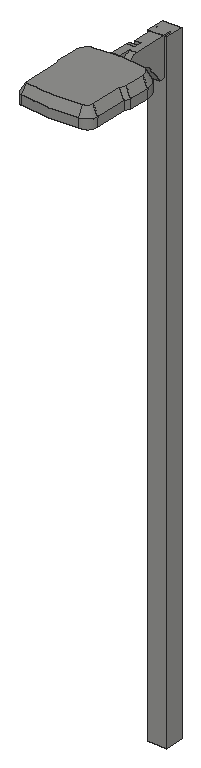
Revit family "VP-1_AAU", category Lighting Fixtures, host Face, Revit 2019
Family settings
  Host = Face
  Round Connector Dimension = Use Diameter
  Part Type = Normal
  OmniClass Number = 23.80.70.11.14.17
  OmniClass Title = Direct/Indirect
  Cut with Voids When Loaded = No
  Light Source = No
  Shared = Yes
  Room Calculation Point = No
Parameters (values of type "VP-1-AAU")
  Wattage Comments = "97.2W"
  Warranty = "Five year warranty"  # constant formula
  Voltage = 120 V
  URL = "https://www.currentlighting.com/beacon"
  Type Comments = "Lighting Fixture"  # constant formula
  Product Page URL = "https://www.currentlighting.com/outdoor-lighting/viper-area-size-1/9606403"
  Product Documentation Link = "https://cdn.currentlighting.com/site/specsheet/BEA_VIPERSPEC.pdf"
  Power Factor = 0.9
  Pole Height [instance] = 120.00"
  Name = "Viper Area Size 1"  # constant formula
  Model = "VP-1-AAU"
  Matt Grey = MATT GREY
  Matt Black = Matt Black
  Manufacturer = "Current Lighting"  # constant formula
  Load Classification = Lighting
  Light Output = 6297.00 cd/m²
  Lamp = "LED"  # constant formula
  Grey = Grey
  Glass = Glass
  Pole Size [instance] = 3.50"
  Features = "Featuring two different optical technologies, Micro Strike and Strike Optics, which provide the best distribution patterns for retrofit or new construction\r\nVibration rated for high vibration applications including bridges and overpasses\r\nControl options including photo control, occupancy sensing, NX Lighting Controls, wiSCAPE and 7-Pin with networked controls\r\nMounting options include: Arm, Universal Arm, Adjustable Arm, Mast Arm, Decorative Arm, Knuckle, Trunnion, Wall\r\nDistribution options include: Auto Front Row, Type 2, Type 3, Type 4 Forward, Type 4 Wide, Type 5 Narrow, Type 5 Medium, Type 5 Wide, Type 5 Rectangular, Corner Optic, and Tennis Court\r\n\r\n"  # constant formula
  Copyright = "© 2022 Current Lighting"  # constant formula
  Cool Grey = Cool Grey
  Contact Us = "https://www.currentlighting.com/contact-us"
  Certification = "UL"  # constant formula
  Description = "The Viper is an extremely versatile area/site luminaire which blends design, performance, and technology for a variety of applications."  # constant formula
  Default Elevation = 48.00"
  Finish = Arctic White
  Matt White = Matt White
  CRI = "70"  # constant formula
  Brand = "Beacon"  # constant formula
  Assembly Code = "D5020200"
  Apparent Load = 97.2 VA
Reference planes (in)
  plane 1 "Center (Front/Back)": y = 6.16697
  plane 2: z = 0
  plane 3 "Center (Left/Right)": x = 0
  plane 4: z = 3.75
  plane 5: z = -4.44
  plane 6: x = -1.75
  plane 7: x = 1.75
  plane 8: y = 4.41697
  plane 9: y = 7.91697
  plane 10: z = 120
Forms (in)
  Extrusion 1, solid, material "Cool Grey" <- "Cool Grey"
    sketch origin (0, 0, 0) x (1, 0, 0) y (0, 1, 0)
      loop
        line (-1.75, 7.91697) -> (-1.75, 4.41697) -> (1.75, 4.41697) -> (1.75, 7.91697) -> (-1.75, 7.91697)
    from 0 to 120
Lines and regions (in)
  reference lines
    curve 1: line (0, 14.42606, -3.25) -> (0, 17.42606, -0.25)
    curve 2: line (0, -2.09213, -3.25) -> (0, 14.42606, -3.25)
    curve 3: line (0, -5.09213, -0.25) -> (0, -2.09213, -3.25)
    curve 4: line (0, 14.42606, -3.25) -> (0, 17.42606, -0.25)
    curve 5: line (0, -5.09213, -0.25) -> (0, 17.42606, -0.25)
    curve 6: line (0, 17.17606, -0.77432) -> (0, 17.92606, -0.77432)
    curve 7: line (0, 17.17606, -1.52432) -> (0, 17.17606, -0.77432)
    curve 8: line (0, 16.69614, -1.52432) -> (0, 17.17606, -1.52432)
    curve 9: line (0, 14.92606, -4.25) -> (0, 16.69614, -1.52432)
    curve 10: line (0, -4.3622, -1.52432) -> (0, -2.59213, -4.25)
    curve 11: line (0, -4.84213, -1.52432) -> (0, -4.3622, -1.52432)
    curve 12: line (0, -4.84213, -0.77432) -> (0, -4.84213, -1.52432)
    curve 13: line (0, -5.59213, -0.77432) -> (0, -4.84213, -0.77432)
Dimensions and locks (in)
  plane 4 to plane 2 = 3.75"
  "Pole Size": plane 8 to plane 9
  equal spacing: plane 8, plane 1 "Center (Front/Back)", plane 9
  equal spacing: plane 6, plane 3 "Center (Left/Right)", plane 7
  "Pole Size": plane 6 to plane 7
  "Pole Height": plane 10 to plane 2
  aligned and locked: plane 2 to host face
  aligned and locked: level to host face
  aligned and locked: plane 10 to Extrusion 1
  aligned and locked: plane 3 "Center (Left/Right)" to nested 1
  aligned and locked: plane 9 to Extrusion 1 sketch curve
  aligned and locked: plane 6 to Extrusion 1 sketch curve
  aligned and locked: Extrusion 1 sketch curve to plane 8
  aligned and locked: Extrusion 1 sketch curve to plane 7
  aligned and locked: nested 1 to plane 10
Automatic sketch dimensions
  host sketch curve to host sketch curve = 96.00"
  host sketch curve to host sketch curve = 85.00"
  curve 3 to level = 0.25"
  plane 8 to curve 3 = 9.50909"
  curve 3 to curve 12 = 0.25"
  curve 11 to curve 11 = 0.47992"
  curve 2 to plane 5 = 1.19"
  curve 10 to curve 2 = 2.27008"
  curve 1 to plane 9 = 6.50909"
  curve 9 to level = 1.52432"
  curve 1 to curve 9 = 2.27008"
  curve 8 to curve 8 = 0.47992"
  curve 6 to curve 4 = 0.25"
  curve 10 to curve 3 = 1.27432"
  curve 7 to curve 1 = 0.52432"
  curve 12 to curve 3 = 0.52432"
  curve 13 to curve 3 = 0.50"
  curve 10 to plane 5 = 0.19"
  curve 10 to curve 2 = 0.50"
  curve 9 to plane 5 = 0.19"
  curve 1 to curve 9 = 0.50"
  curve 1 to curve 6 = 0.50"
Nested families (in)
  nested 1: "SIZE1-AAU" at (0, 4.41697, 118.26) x (1, 0, 0) z (0, -1, 0), Mounting Block Width <- "Pole Size", type "SIZE1-AAU"
    with Mounting Block Width 3.50"
Connectors (in)
  electrical at (0, 6.16697, 0), driven by "Power Factor", driven by "Apparent Load", driven by "Voltage"
    settings: on Extrusion 1, index 1, voltage 120 V, apparent load 97.2 VA, apparent load phase1 0 VA, apparent load phase2 0 VA, apparent load phase3 0 VA, power factor 0.9, load classification "Other", number of poles 1, system type 30, power factor state 1, is connector primary yes, connector utility no, sub classification motor no, connector description "Light Fixture"
Definition of nested family "SIZE1-AAU"
  Parameters (values of type "SIZE1-AAU")
    Width = 14.38"
    Wattage = 97.2 W
    built-in parameter 1150110 = 1 (stored number, unit not read)
    built-in parameter 1114217 = 1 (stored number, unit not read)
    Tilt Angle = 160.00°
    built-in parameter 1150109 = 1 (stored number, unit not read)
    built-in parameter 1150134 = 3
    built-in parameter 1150113 = 1 (stored number, unit not read)
    Photometric Web File = "VP-1-160L-100-3K7-4W-BC.ies"
    Mounting Block Width [instance] = 3.00"
    Mount Length = 8.30"
    built-in parameter 1150105 = 502.77 (stored number, unit not read)
    Lumens = 6318 lm
    built-in parameter 1150115 = 1 (stored number, unit not read)
    built-in parameter 1150137 = (empty or 0)
    built-in parameter 1150139 = (empty or 0)
    Length = 16.76"
    built-in parameter 1150112 = 1 (stored number, unit not read)
    built-in parameter 1150114 = 1 (stored number, unit not read)
    built-in parameter 1150132 = (empty or 0)
    built-in parameter 1150102 = (empty or 0)
    built-in parameter 1150107 = 3200 (stored number, unit not read)
    built-in parameter 1150138 = (empty or 0)
    built-in parameter 1150106 = 5.0277 (stored number, unit not read)
    Glass = none
    Fixture = none
    built-in parameter 1150104 = 6.0387 (stored number, unit not read)
    Dimming Lamp Color Temperature Shift = (empty or 0)
    Default Elevation = 48.00"
    Color Filter = 16777215
    built-in parameter 1114218 = 1 (stored number, unit not read)
    built-in parameter 1150133 = 10 (stored number, unit not read)
  Reference planes (in)
    plane 1 "Center (Front/Back)": y = 0
    plane 2: z = 0
    plane 3 "Center (Left/Right)": x = 0
    plane 4: x = 7.19
    plane 5: x = -7.19
    plane 6: z = 8.3
    plane 7: z = 25.06
    plane 8: y = -1.74
    plane 9: y = 1.74
    plane 10: x = -1.5
    plane 11: x = 1.5
  Forms (in)
    Extrusion 1, solid
      sketch origin (0, 0, 0) x (1, 0, 0) y (0, 1, 0)
        loop
          line (-48, 48) -> (-48, -48) -> (48, -48) -> (48, 48) -> (-48, 48)
      from 0 to -12
    Extrusion 2, solid, material <- "Fixture"
      sketch origin (0, 0, 0) x (1, 0, 0) y (0, 0, 1)
        loop
          line (-6.90972, 16.52202) -> (-7.315, 15.47799) -> (-7.315, 11.44521)
          arc (-7.315, 11.44521) -> (-6.65907, 9.48733) -> (-4.95604, 8.31974) r 3.25
          arc (-4.95604, 8.31974) -> (0, 7.81429) -> (4.95604, 8.31974) r 24.55009
          arc (4.95604, 8.31974) -> (6.65907, 9.48733) -> (7.315, 11.44521) r 3.25
          line (7.315, 11.44521) -> (7.315, 15.47799) -> (6.8775, 16.60502) -> (6.8775, 22.64879)
          arc (6.8775, 22.64879) -> (6.32022, 24.03392) -> (4.95893, 24.64714) r 2
          arc (4.95893, 24.64714) -> (-0.50555, 25.00726) -> (-5.96128, 24.53274) r 35.92956
          arc (-5.96128, 24.53274) -> (-6.64447, 24.08958) -> (-6.90972, 23.31966) r 1.25
          line (-6.90972, 23.31966) -> (-6.90972, 16.52202)
      from 0 to 1.74
    Extrusion 3, solid, material <- "Fixture"
      sketch origin (0, 0, 0) x (0, 1, 0) y (0, 0, 1)
        loop
          line (1.74, -1.406) -> (1.74, 6.43918)
          arc (1.74, 6.43918) -> (0, 8.17918) -> (-1.74, 6.43918) r 1.74
          line (-1.74, 6.43918) -> (-1.74, 3.90812) -> (-5.432, 1.12478) -> (-5.432, -1.406) -> (1.74, -1.406)
      from -1.24 to 1.24
    Extrusion 4, void
      sketch origin (0, 0, 0) x (1, 0, 0) y (0, 0, 1)
        loop
          arc (-5.91108, 15.93931) -> (0.07703, 16.26105) -> (6.065, 15.93674) r 55.66285
          line (6.065, 15.93674) -> (6.065, 22.74182) -> (-5.91108, 22.74182) -> (-5.91108, 15.93931)
      from 1 to 1.75
    Extrusion 5, solid, material <- "Glass"
      sketch origin (0, 0, -0.25) x (1, 0, 0) y (0, 0, 1)
        loop
          arc (-5.06487, 22.74182) -> (-5.31236, 22.63931) -> (-5.41487, 22.39182) r 0.35
          line (-5.41487, 22.39182) -> (-5.41487, 17.34182)
          arc (-5.41487, 17.34182) -> (-5.31236, 17.09434) -> (-5.06487, 16.99182) r 0.35
          line (-5.06487, 16.99182) -> (5.11803, 16.99182)
          arc (5.11803, 16.99182) -> (5.36552, 17.09434) -> (5.46803, 17.34182) r 0.35
          line (5.46803, 17.34182) -> (5.46803, 22.39182)
          arc (5.46803, 22.39182) -> (5.36552, 22.63931) -> (5.11803, 22.74182) r 0.35
          line (5.11803, 22.74182) -> (-5.06487, 22.74182)
      from 1 to 1.35
    Extrusion 6, solid, material <- "Glass"
      sketch origin (0, 0, -0.25) x (1, 0, 0) y (0, 0, 1)
        loop
          circle (-4.85829, 21.91694) r 0.15
        loop
          circle (-4.33955, 21.91694) r 0.15
        loop
          circle (-3.8208, 21.91694) r 0.15
        loop
          circle (-3.30205, 21.91694) r 0.15
        loop
          circle (-2.7833, 21.91694) r 0.15
        loop
          circle (-2.26455, 21.91694) r 0.15
        loop
          circle (-1.7458, 21.91694) r 0.15
        loop
          circle (-1.22705, 21.91694) r 0.15
        loop
          circle (-0.70831, 21.91694) r 0.15
        loop
          circle (-4.85829, 21.41694) r 0.15
        loop
          circle (-4.33955, 21.41694) r 0.15
        loop
          circle (-3.8208, 21.41694) r 0.15
        loop
          circle (-3.30205, 21.41694) r 0.15
        loop
          circle (-2.7833, 21.41694) r 0.15
        loop
          circle (-2.26455, 21.41694) r 0.15
        loop
          circle (-1.7458, 21.41694) r 0.15
        loop
          circle (-1.22705, 21.41694) r 0.15
        loop
          circle (-0.70831, 21.41694) r 0.15
        loop
          circle (-4.85829, 20.91694) r 0.15
        loop
          circle (-4.33955, 20.91694) r 0.15
        loop
          circle (-3.8208, 20.91694) r 0.15
        loop
          circle (-3.30205, 20.91694) r 0.15
        loop
          circle (-2.7833, 20.91694) r 0.15
        loop
          circle (-2.26455, 20.91694) r 0.15
        loop
          circle (-1.7458, 20.91694) r 0.15
        loop
          circle (-1.22705, 20.91694) r 0.15
        loop
          circle (-0.70831, 20.91694) r 0.15
        loop
          circle (-4.85829, 20.41694) r 0.15
        loop
          circle (-4.33955, 20.41694) r 0.15
        loop
          circle (-3.8208, 20.41694) r 0.15
        loop
          circle (-3.30205, 20.41694) r 0.15
        loop
          circle (-2.7833, 20.41694) r 0.15
        loop
          circle (-2.26455, 20.41694) r 0.15
        loop
          circle (-1.7458, 20.41694) r 0.15
        loop
          circle (-1.22705, 20.41694) r 0.15
        loop
          circle (-0.70831, 20.41694) r 0.15
        loop
          circle (-4.85829, 19.91694) r 0.15
        loop
          circle (-4.33955, 19.91694) r 0.15
        loop
          circle (-3.8208, 19.91694) r 0.15
        loop
          circle (-3.30205, 19.91694) r 0.15
        loop
          circle (-2.7833, 19.91694) r 0.15
        loop
          circle (-2.26455, 19.91694) r 0.15
        loop
          circle (-1.7458, 19.91694) r 0.15
        loop
          circle (-1.22705, 19.91694) r 0.15
        loop
          circle (-0.70831, 19.91694) r 0.15
        loop
          circle (-4.85829, 19.41694) r 0.15
        loop
          circle (-4.33955, 19.41694) r 0.15
        loop
          circle (-3.8208, 19.41694) r 0.15
        loop
          circle (-3.30205, 19.41694) r 0.15
        loop
          circle (-2.7833, 19.41694) r 0.15
        loop
          circle (-2.26455, 19.41694) r 0.15
        loop
          circle (-1.7458, 19.41694) r 0.15
        loop
          circle (-1.22705, 19.41694) r 0.15
        loop
          circle (-0.70831, 19.41694) r 0.15
        loop
          circle (-4.85829, 18.91694) r 0.15
        loop
          circle (-4.33955, 18.91694) r 0.15
        loop
          circle (-3.8208, 18.91694) r 0.15
        loop
          circle (-3.30205, 18.91694) r 0.15
        loop
          circle (-2.7833, 18.91694) r 0.15
        loop
          circle (-2.26455, 18.91694) r 0.15
        loop
          circle (-1.7458, 18.91694) r 0.15
        loop
          circle (-1.22705, 18.91694) r 0.15
        loop
          circle (-0.70831, 18.91694) r 0.15
        loop
          circle (-4.85829, 18.41694) r 0.15
        loop
          circle (-4.33955, 18.41694) r 0.15
        loop
          circle (-3.8208, 18.41694) r 0.15
        loop
          circle (-3.30205, 18.41694) r 0.15
        loop
          circle (-2.7833, 18.41694) r 0.15
        loop
          circle (-2.26455, 18.41694) r 0.15
        loop
          circle (-1.7458, 18.41694) r 0.15
        loop
          circle (-1.22705, 18.41694) r 0.15
        loop
          circle (-0.70831, 18.41694) r 0.15
        loop
          circle (-4.85829, 17.91694) r 0.15
        loop
          circle (-4.33955, 17.91694) r 0.15
        loop
          circle (-3.8208, 17.91694) r 0.15
        loop
          circle (-3.30205, 17.91694) r 0.15
        loop
          circle (-2.7833, 17.91694) r 0.15
        loop
          circle (-2.26455, 17.91694) r 0.15
        loop
          circle (-1.7458, 17.91694) r 0.15
        loop
          circle (-1.22705, 17.91694) r 0.15
        loop
          circle (-0.70831, 17.91694) r 0.15
      from 1.35 to 1.4
    Extrusion 7, solid, material <- "Glass"
      sketch origin (0, 0, -0.25) x (-1, 0, 0) y (0, 0, -1)
        loop
          circle (-4.85829, -21.91694) r 0.15
        loop
          circle (-4.33955, -21.91694) r 0.15
        loop
          circle (-3.8208, -21.91694) r 0.15
        loop
          circle (-3.30205, -21.91694) r 0.15
        loop
          circle (-2.7833, -21.91694) r 0.15
        loop
          circle (-2.26455, -21.91694) r 0.15
        loop
          circle (-1.7458, -21.91694) r 0.15
        loop
          circle (-1.22705, -21.91694) r 0.15
        loop
          circle (-0.70831, -21.91694) r 0.15
        loop
          circle (-4.85829, -21.41694) r 0.15
        loop
          circle (-4.33955, -21.41694) r 0.15
        loop
          circle (-3.8208, -21.41694) r 0.15
        loop
          circle (-3.30205, -21.41694) r 0.15
        loop
          circle (-2.7833, -21.41694) r 0.15
        loop
          circle (-2.26455, -21.41694) r 0.15
        loop
          circle (-1.7458, -21.41694) r 0.15
        loop
          circle (-1.22705, -21.41694) r 0.15
        loop
          circle (-0.70831, -21.41694) r 0.15
        loop
          circle (-4.85829, -20.91694) r 0.15
        loop
          circle (-4.33955, -20.91694) r 0.15
        loop
          circle (-3.8208, -20.91694) r 0.15
        loop
          circle (-3.30205, -20.91694) r 0.15
        loop
          circle (-2.7833, -20.91694) r 0.15
        loop
          circle (-2.26455, -20.91694) r 0.15
        loop
          circle (-1.7458, -20.91694) r 0.15
        loop
          circle (-1.22705, -20.91694) r 0.15
        loop
          circle (-0.70831, -20.91694) r 0.15
        loop
          circle (-4.85829, -20.41694) r 0.15
        loop
          circle (-4.33955, -20.41694) r 0.15
        loop
          circle (-3.8208, -20.41694) r 0.15
        loop
          circle (-3.30205, -20.41694) r 0.15
        loop
          circle (-2.7833, -20.41694) r 0.15
        loop
          circle (-2.26455, -20.41694) r 0.15
        loop
          circle (-1.7458, -20.41694) r 0.15
        loop
          circle (-1.22705, -20.41694) r 0.15
        loop
          circle (-0.70831, -20.41694) r 0.15
        loop
          circle (-4.85829, -19.91694) r 0.15
        loop
          circle (-4.33955, -19.91694) r 0.15
        loop
          circle (-3.8208, -19.91694) r 0.15
        loop
          circle (-3.30205, -19.91694) r 0.15
        loop
          circle (-2.7833, -19.91694) r 0.15
        loop
          circle (-2.26455, -19.91694) r 0.15
        loop
          circle (-1.7458, -19.91694) r 0.15
        loop
          circle (-1.22705, -19.91694) r 0.15
        loop
          circle (-0.70831, -19.91694) r 0.15
        loop
          circle (-4.85829, -19.41694) r 0.15
        loop
          circle (-4.33955, -19.41694) r 0.15
        loop
          circle (-3.8208, -19.41694) r 0.15
        loop
          circle (-3.30205, -19.41694) r 0.15
        loop
          circle (-2.7833, -19.41694) r 0.15
        loop
          circle (-2.26455, -19.41694) r 0.15
        loop
          circle (-1.7458, -19.41694) r 0.15
        loop
          circle (-1.22705, -19.41694) r 0.15
        loop
          circle (-0.70831, -19.41694) r 0.15
        loop
          circle (-4.85829, -18.91694) r 0.15
        loop
          circle (-4.33955, -18.91694) r 0.15
        loop
          circle (-3.8208, -18.91694) r 0.15
        loop
          circle (-3.30205, -18.91694) r 0.15
        loop
          circle (-2.7833, -18.91694) r 0.15
        loop
          circle (-2.26455, -18.91694) r 0.15
        loop
          circle (-1.7458, -18.91694) r 0.15
        loop
          circle (-1.22705, -18.91694) r 0.15
        loop
          circle (-0.70831, -18.91694) r 0.15
        loop
          circle (-4.85829, -18.41694) r 0.15
        loop
          circle (-4.33955, -18.41694) r 0.15
        loop
          circle (-3.8208, -18.41694) r 0.15
        loop
          circle (-3.30205, -18.41694) r 0.15
        loop
          circle (-2.7833, -18.41694) r 0.15
        loop
          circle (-2.26455, -18.41694) r 0.15
        loop
          circle (-1.7458, -18.41694) r 0.15
        loop
          circle (-1.22705, -18.41694) r 0.15
        loop
          circle (-0.70831, -18.41694) r 0.15
        loop
          circle (-4.85829, -17.91694) r 0.15
        loop
          circle (-4.33955, -17.91694) r 0.15
        loop
          circle (-3.8208, -17.91694) r 0.15
        loop
          circle (-3.30205, -17.91694) r 0.15
        loop
          circle (-2.7833, -17.91694) r 0.15
        loop
          circle (-2.26455, -17.91694) r 0.15
        loop
          circle (-1.7458, -17.91694) r 0.15
        loop
          circle (-1.22705, -17.91694) r 0.15
        loop
          circle (-0.70831, -17.91694) r 0.15
      from 1.35 to 1.4
    Extrusion 8, solid, material <- "Glass"
      sketch origin (0, 0, -0.25) x (1, 0, 0) y (0, 0, 1)
        loop
          arc (-5.04655, 22.4209) -> (-5.22333, 22.34768) -> (-5.29655, 22.1709) r 0.25
          line (-5.29655, 22.1709) -> (-5.29655, 17.6709)
          arc (-5.29655, 17.6709) -> (-5.22333, 17.49412) -> (-5.04655, 17.4209) r 0.25
          line (-5.04655, 17.4209) -> (-0.54655, 17.4209)
          arc (-0.54655, 17.4209) -> (-0.36977, 17.49412) -> (-0.29655, 17.6709) r 0.25
          line (-0.29655, 17.6709) -> (-0.29655, 22.1709)
          arc (-0.29655, 22.1709) -> (-0.36977, 22.34768) -> (-0.54655, 22.4209) r 0.25
          line (-0.54655, 22.4209) -> (-5.04655, 22.4209)
      from 1.35 to 1.37213
    Extrusion 9, solid, material <- "Glass"
      sketch origin (0, 0, -0.25) x (-1, 0, 0) y (0, 0, -1)
        loop
          line (-5.04655, -22.4209) -> (-0.54655, -22.4209)
          arc (-0.54655, -22.4209) -> (-0.36977, -22.34768) -> (-0.29655, -22.1709) r 0.25
          line (-0.29655, -22.1709) -> (-0.29655, -17.6709)
          arc (-0.29655, -17.6709) -> (-0.36977, -17.49412) -> (-0.54655, -17.4209) r 0.25
          line (-0.54655, -17.4209) -> (-5.04655, -17.4209)
          arc (-5.04655, -17.4209) -> (-5.22333, -17.49412) -> (-5.29655, -17.6709) r 0.25
          line (-5.29655, -17.6709) -> (-5.29655, -22.1709)
          arc (-5.29655, -22.1709) -> (-5.22333, -22.34768) -> (-5.04655, -22.4209) r 0.25
      from 1.35 to 1.37213
    Extrusion 10, solid, material <- "Fixture"
      sketch origin (0.125, 0, 2.75) x (1, 0, 0) y (0, 1, 0)
        loop
          line (5.34818, -1) -> (5.34818, -1.20146)
          arc (5.34818, -1.20146) -> (5.35492, -1.23973) -> (5.37436, -1.27339) r 0.1119
          line (5.37436, -1.27339) -> (5.73492, -1.70309)
          arc (5.73492, -1.70309) -> (5.76289, -1.72455) -> (5.79732, -1.73219) r 0.08147
          line (5.79732, -1.73219) -> (5.94, -1.73219) -> (5.94, -1) -> (5.34818, -1)
      from 18.55 to 18.65
    Extrusion 11, solid, material <- "Fixture"
      sketch origin (0.125, 0, 1.84761) x (1, 0, 0) y (0, 1, 0)
        loop
          line (5.34818, -1) -> (5.34818, -1.20146)
          arc (5.34818, -1.20146) -> (5.35492, -1.23973) -> (5.37436, -1.27339) r 0.1119
          line (5.37436, -1.27339) -> (5.73492, -1.70309)
          arc (5.73492, -1.70309) -> (5.76289, -1.72455) -> (5.79732, -1.73219) r 0.08147
          line (5.79732, -1.73219) -> (5.94, -1.73219) -> (5.94, -1) -> (5.34818, -1)
      from 18.55 to 18.65
    Extrusion 12, solid, material <- "Fixture"
      sketch origin (0.125, 0, 0.95579) x (1, 0, 0) y (0, 1, 0)
        loop
          line (5.34818, -1) -> (5.34818, -1.20146)
          arc (5.34818, -1.20146) -> (5.35492, -1.23973) -> (5.37436, -1.27339) r 0.1119
          line (5.37436, -1.27339) -> (5.73492, -1.70309)
          arc (5.73492, -1.70309) -> (5.76289, -1.72455) -> (5.79732, -1.73219) r 0.08147
          line (5.79732, -1.73219) -> (5.94, -1.73219) -> (5.94, -1) -> (5.34818, -1)
      from 18.55 to 18.65
    Extrusion 13, solid, material <- "Fixture"
      sketch origin (0.125, 0, 0.06397) x (1, 0, 0) y (0, 1, 0)
        loop
          line (5.34818, -1) -> (5.34818, -1.20146)
          arc (5.34818, -1.20146) -> (5.35492, -1.23973) -> (5.37436, -1.27339) r 0.1119
          line (5.37436, -1.27339) -> (5.73492, -1.70309)
          arc (5.73492, -1.70309) -> (5.76289, -1.72455) -> (5.79732, -1.73219) r 0.08147
          line (5.79732, -1.73219) -> (5.94, -1.73219) -> (5.94, -1) -> (5.34818, -1)
      from 18.55 to 18.65
    Extrusion 14, solid, material <- "Fixture"
      sketch origin (0.125, 0, -0.82681) x (1, 0, 0) y (0, 1, 0)
        loop
          line (5.34818, -1) -> (5.34818, -1.20146)
          arc (5.34818, -1.20146) -> (5.35492, -1.23973) -> (5.37436, -1.27339) r 0.1119
          line (5.37436, -1.27339) -> (5.73492, -1.70309)
          arc (5.73492, -1.70309) -> (5.76289, -1.72455) -> (5.79732, -1.73219) r 0.08147
          line (5.79732, -1.73219) -> (5.94, -1.73219) -> (5.94, -1) -> (5.34818, -1)
      from 18.55 to 18.65
    Extrusion 15, solid, material <- "Fixture"
      sketch origin (0, 0, 2.75) x (-1, 0, 0) y (0, -1, 0)
        loop
          line (5.34818, 1) -> (5.94, 1) -> (5.94, 1.73219) -> (5.79732, 1.73219)
          arc (5.79732, 1.73219) -> (5.76289, 1.72455) -> (5.73492, 1.70309) r 0.08147
          line (5.73492, 1.70309) -> (5.37436, 1.27339)
          arc (5.37436, 1.27339) -> (5.35492, 1.23973) -> (5.34818, 1.20146) r 0.1119
          line (5.34818, 1.20146) -> (5.34818, 1)
      from 18.55 to 18.65
    Extrusion 16, solid, material <- "Fixture"
      sketch origin (0, 0, 1.84761) x (-1, 0, 0) y (0, -1, 0)
        loop
          line (5.34818, 1) -> (5.94, 1) -> (5.94, 1.73219) -> (5.79732, 1.73219)
          arc (5.79732, 1.73219) -> (5.76289, 1.72455) -> (5.73492, 1.70309) r 0.08147
          line (5.73492, 1.70309) -> (5.37436, 1.27339)
          arc (5.37436, 1.27339) -> (5.35492, 1.23973) -> (5.34818, 1.20146) r 0.1119
          line (5.34818, 1.20146) -> (5.34818, 1)
      from 18.55 to 18.65
    Extrusion 17, solid, material <- "Fixture"
      sketch origin (0, 0, 0.95579) x (-1, 0, 0) y (0, -1, 0)
        loop
          line (5.34818, 1) -> (5.94, 1) -> (5.94, 1.73219) -> (5.79732, 1.73219)
          arc (5.79732, 1.73219) -> (5.76289, 1.72455) -> (5.73492, 1.70309) r 0.08147
          line (5.73492, 1.70309) -> (5.37436, 1.27339)
          arc (5.37436, 1.27339) -> (5.35492, 1.23973) -> (5.34818, 1.20146) r 0.1119
          line (5.34818, 1.20146) -> (5.34818, 1)
      from 18.55 to 18.65
    Extrusion 18, solid, material <- "Fixture"
      sketch origin (0, 0, 0.06397) x (-1, 0, 0) y (0, -1, 0)
        loop
          line (5.34818, 1) -> (5.94, 1) -> (5.94, 1.73219) -> (5.79732, 1.73219)
          arc (5.79732, 1.73219) -> (5.76289, 1.72455) -> (5.73492, 1.70309) r 0.08147
          line (5.73492, 1.70309) -> (5.37436, 1.27339)
          arc (5.37436, 1.27339) -> (5.35492, 1.23973) -> (5.34818, 1.20146) r 0.1119
          line (5.34818, 1.20146) -> (5.34818, 1)
      from 18.55 to 18.65
    Extrusion 19, solid, material <- "Fixture"
      sketch origin (0, 0, -0.82681) x (-1, 0, 0) y (0, -1, 0)
        loop
          line (5.34818, 1) -> (5.94, 1) -> (5.94, 1.73219) -> (5.79732, 1.73219)
          arc (5.79732, 1.73219) -> (5.76289, 1.72455) -> (5.73492, 1.70309) r 0.08147
          line (5.73492, 1.70309) -> (5.37436, 1.27339)
          arc (5.37436, 1.27339) -> (5.35492, 1.23973) -> (5.34818, 1.20146) r 0.1119
          line (5.34818, 1.20146) -> (5.34818, 1)
      from 18.55 to 18.65
    Extrusion 20, void
      sketch origin (0.16486, 0, 5.1993) x (1, 0, 0) y (0, 0, 1)
        loop
          line (-5.94707, 9.88637) -> (-5.94707, 8.88637)
          arc (-5.94707, 8.88637) -> (-0.00354, 7.88584) -> (5.94, 8.88637) r 18.15382
          line (5.94, 8.88637) -> (5.94, 9.88637)
          arc (5.94, 9.88637) -> (-0.00354, 8.88584) -> (-5.94707, 9.88637) r 18.15382
        loop
          line (-5.85535, 7.87828) -> (-5.85535, 7.60486)
          arc (-5.85535, 7.60486) -> (0.0002, 6.63584) -> (5.85535, 7.60727) r 18.15382
          line (5.85535, 7.60727) -> (5.85535, 7.88068)
          arc (5.85535, 7.88068) -> (0.0002, 6.91466) -> (-5.85535, 7.87828) r 18.25
        loop
          line (-5.85535, 7.12828) -> (-5.85535, 6.85486)
          arc (-5.85535, 6.85486) -> (0.0002, 5.88584) -> (5.85535, 6.85727) r 18.15382
          line (5.85535, 6.85727) -> (5.85535, 7.13068)
          arc (5.85535, 7.13068) -> (0.0002, 6.16466) -> (-5.85535, 7.12828) r 18.25
      from 1 to 1.75
    Blend 21, solid, material <- "Fixture"
      base sketch origin (0, 0, 0) x (1, 0, 0) y (0, 0, 1)
        loop
          arc (6.8775, 22.64879) -> (6.31798, 24.03624) -> (4.95249, 24.64739) r 2
          arc (4.95249, 24.64739) -> (-0.51269, 25.00653) -> (-5.96896, 24.53081) r 35.9289
          arc (-5.96896, 24.53081) -> (-6.6469, 24.08646) -> (-6.90972, 23.31966) r 1.25
          line (-6.90972, 23.31966) -> (-6.90972, 16.52202) -> (-7.315, 15.47799) -> (-7.315, 11.44521)
          arc (-7.315, 11.44521) -> (-6.65907, 9.48733) -> (-4.95604, 8.31974) r 3.25
          arc (-4.95604, 8.31974) -> (0, 7.81429) -> (4.95604, 8.31974) r 24.55009
          arc (4.95604, 8.31974) -> (6.65907, 9.48733) -> (7.315, 11.44521) r 3.25
          line (7.315, 11.44521) -> (7.315, 15.47799) -> (6.8775, 16.60502) -> (6.8775, 22.64879)
      top sketch origin (0, 0, 0) x (1, 0, 0) y (0, 0, 1)
        loop
          arc (5.8775, 22.64879) -> (5.59173, 23.34871) -> (4.89775, 23.64859) r 1
          arc (4.89775, 23.64859) -> (-0.41657, 24.011) -> (-5.72421, 23.5612) r 34.93251
          arc (-5.72421, 23.5612) -> (-5.85799, 23.47194) -> (-5.90972, 23.31966) r 0.25
          line (-5.90972, 23.31966) -> (-5.90972, 16.33474) -> (-6.315, 15.29071) -> (-6.315, 11.44521)
          arc (-6.315, 11.44521) -> (-5.87115, 10.10345) -> (-4.71471, 9.29106) r 2.25
          arc (-4.71471, 9.29106) -> (0, 8.81429) -> (4.71471, 9.29106) r 23.55009
          arc (4.71471, 9.29106) -> (5.87115, 10.10345) -> (6.315, 11.44521) r 2.25
          line (6.315, 11.44521) -> (6.315, 15.29071) -> (5.8775, 16.41774) -> (5.8775, 22.64879)
      from 0 to -1.74
    Extrusion 22, solid, material <- "Fixture"
      sketch origin (0, 0, 0) x (0, 1, 0) y (0, 0, 1)
        loop
          line (1.74, 8.81429) -> (-1.74, 8.81429) -> (-1.74, 5.31429)
          arc (-1.74, 5.31429) -> (0, 3.57429) -> (1.74, 5.31429) r 1.74
          line (1.74, 5.31429) -> (1.74, 8.81429)
      from -1.5 to 0
    Extrusion 23, void
      sketch origin (0, 0, 0) x (1, 0, 0) y (0, 0, 1)
        loop
          line (-1.5, 8.3) -> (-1.5, 3.90812) -> (0, 3.90812) -> (0, 8.3) -> (-1.5, 8.3)
      from -1.84653 to 1.9488
  Cuts and joins
    Extrusion 4, Extrusion 20 cuts Extrusion 2
    Extrusion 4, Extrusion 20, Extrusion 23 cuts Extrusion 3
    joined: Extrusion 2, Extrusion 3, Extrusion 22
  Dimensions and locks (in)
    equal spacing: plane 4, plane 3 "Center (Left/Right)", plane 5
    "Width": plane 4 to plane 5
    "Length": plane 7 to plane 6
    "Mount Length": plane 6 to plane 2
    equal spacing: plane 10, plane 3 "Center (Left/Right)", plane 11
    "Mounting Block Width": plane 10 to plane 11
    aligned and locked: plane 2 to Extrusion 1
    aligned and locked: level to Extrusion 1
  Automatic sketch dimensions
    Extrusion 1 sketch curve to Extrusion 1 sketch curve = 96.00"  (x2)
    Extrusion 2 sketch curve to plane 3 "Center (Left/Right)" = 0.00"
    Extrusion 2 sketch curve to plane 3 "Center (Left/Right)" = 0.12919"
    plane 5 to Extrusion 2 sketch curve = 3.125"
    plane 5 to Extrusion 2 sketch curve = 1.53028"
    plane 5 to Extrusion 2 sketch curve = 0.28028"
    Extrusion 2 sketch curve to plane 5 = 0.125"
    Extrusion 2 sketch curve to plane 4 = 3.125"
    Extrusion 2 sketch curve to plane 4 = 2.3125"
    Extrusion 2 sketch curve to plane 4 = 0.3125"
    plane 4 to Extrusion 2 sketch curve = 0.125"
    Extrusion 2 sketch curve to level = 10.92033"
    plane 6 to Extrusion 2 sketch curve = 3.14521"
    Extrusion 2 sketch curve to Extrusion 2 sketch curve = 0.00"
    Extrusion 2 sketch curve to Extrusion 2 sketch curve = 4.03278"  (x2)
    Extrusion 2 sketch curve to Extrusion 2 sketch curve = 1.04403"
    Extrusion 2 sketch curve to Extrusion 2 sketch curve = 1.12703"
    Extrusion 2 sketch curve to plane 7 = 2.41121"
    Extrusion 2 sketch curve to Extrusion 2 sketch curve = 6.79764"
    plane 7 to Extrusion 2 sketch curve = 7.30438"
    plane 6 to Extrusion 2 sketch curve = 0.01974"
    Extrusion 2 sketch curve to plane 7 = 0.52726"
    plane 5 to Extrusion 4 sketch curve = 1.27892"
    plane 3 "Center (Left/Right)" to Extrusion 4 sketch curve = 0.06506"
    Extrusion 4 sketch curve to plane 4 = 1.125"
    Extrusion 4 sketch curve to level = 39.4018"
    plane 6 to Extrusion 4 sketch curve = 7.63674"
    Extrusion 4 sketch curve to plane 7 = 2.31818"
    plane 5 to Extrusion 5 sketch curve = 1.77513"
    Extrusion 5 sketch curve to Extrusion 5 sketch curve = 0.35"  (x3)
    Extrusion 5 sketch curve to plane 4 = 2.07197"  (x2)
    Extrusion 5 sketch curve to plane 7 = 8.31818"
    Extrusion 5 sketch curve to plane 7 = 2.91818"
    plane 5 to Extrusion 6 sketch curve = 2.33171"
    Extrusion 6 sketch curve to Extrusion 6 sketch curve = 0.00"  (x61)
    Extrusion 6 sketch curve to Extrusion 6 sketch curve = 0.51875"  (x27)
    Extrusion 6 sketch curve to plane 7 = 7.39306"
    Extrusion 6 sketch curve to Extrusion 6 sketch curve = 0.50"  (x72)
    plane 4 to Extrusion 7 sketch curve = 2.33171"
    Extrusion 7 sketch curve to Extrusion 7 sketch curve = 0.00"  (x61)
    Extrusion 7 sketch curve to Extrusion 7 sketch curve = 0.51875"  (x27)
    plane 7 to Extrusion 7 sketch curve = 7.39306"
    Extrusion 7 sketch curve to Extrusion 7 sketch curve = 0.50"  (x72)
    plane 5 to Extrusion 8 sketch curve = 1.89345"
    Extrusion 8 sketch curve to Extrusion 8 sketch curve = 0.25"  (x3)
    Extrusion 8 sketch curve to plane 3 "Center (Left/Right)" = 0.54655"  (x2)
    Extrusion 8 sketch curve to plane 7 = 7.8891"
    Extrusion 8 sketch curve to plane 7 = 3.1391"
    plane 4 to Extrusion 9 sketch curve = 1.89345"
    Extrusion 9 sketch curve to Extrusion 9 sketch curve = 0.25"  (x3)
    Extrusion 9 sketch curve to plane 3 "Center (Left/Right)" = 0.54655"  (x2)
    plane 7 to Extrusion 9 sketch curve = 7.8891"
    plane 7 to Extrusion 9 sketch curve = 3.1391"
    Extrusion 10 sketch curve to plane 4 = 1.71682"
    Extrusion 10 sketch curve to plane 8 = 0.46661"
    Extrusion 10 sketch curve to Extrusion 10 sketch curve = 0.02618"
    Extrusion 10 sketch curve to Extrusion 10 sketch curve = 0.1119"
    Extrusion 10 sketch curve to plane 8 = 0.03691"
    Extrusion 10 sketch curve to Extrusion 10 sketch curve = 0.36056"
    Extrusion 10 sketch curve to plane 8 = 0.00781"
    Extrusion 10 sketch curve to Extrusion 10 sketch curve = 0.06241"
    Extrusion 10 sketch curve to Extrusion 10 sketch curve = 0.47992"
    Extrusion 10 sketch curve to Extrusion 10 sketch curve = 0.20146"
    Extrusion 11 sketch curve to plane 4 = 1.71682"
    Extrusion 11 sketch curve to plane 8 = 0.46661"
    Extrusion 11 sketch curve to Extrusion 11 sketch curve = 0.02618"
    Extrusion 11 sketch curve to Extrusion 11 sketch curve = 0.1119"
    Extrusion 11 sketch curve to plane 8 = 0.03691"
    Extrusion 11 sketch curve to Extrusion 11 sketch curve = 0.36056"
    Extrusion 11 sketch curve to plane 8 = 0.00781"
    Extrusion 11 sketch curve to Extrusion 11 sketch curve = 0.06241"
    Extrusion 11 sketch curve to Extrusion 11 sketch curve = 0.47992"
    Extrusion 11 sketch curve to Extrusion 11 sketch curve = 0.20146"
    Extrusion 12 sketch curve to plane 4 = 1.71682"
    Extrusion 12 sketch curve to plane 8 = 0.46661"
    Extrusion 12 sketch curve to Extrusion 12 sketch curve = 0.02618"
    Extrusion 12 sketch curve to Extrusion 12 sketch curve = 0.1119"
    Extrusion 12 sketch curve to plane 8 = 0.03691"
    Extrusion 12 sketch curve to Extrusion 12 sketch curve = 0.36056"
    Extrusion 12 sketch curve to plane 8 = 0.00781"
    Extrusion 12 sketch curve to Extrusion 12 sketch curve = 0.06241"
    Extrusion 12 sketch curve to Extrusion 12 sketch curve = 0.47992"
    Extrusion 12 sketch curve to Extrusion 12 sketch curve = 0.20146"
    Extrusion 13 sketch curve to plane 4 = 1.71682"
    Extrusion 13 sketch curve to plane 8 = 0.46661"
    Extrusion 13 sketch curve to Extrusion 13 sketch curve = 0.02618"
    Extrusion 13 sketch curve to Extrusion 13 sketch curve = 0.1119"
    Extrusion 13 sketch curve to plane 8 = 0.03691"
    Extrusion 13 sketch curve to Extrusion 13 sketch curve = 0.36056"
    Extrusion 13 sketch curve to plane 8 = 0.00781"
    Extrusion 13 sketch curve to Extrusion 13 sketch curve = 0.06241"
    Extrusion 13 sketch curve to Extrusion 13 sketch curve = 0.47992"
    Extrusion 13 sketch curve to Extrusion 13 sketch curve = 0.20146"
    Extrusion 14 sketch curve to plane 4 = 1.71682"
    Extrusion 14 sketch curve to plane 8 = 0.46661"
    Extrusion 14 sketch curve to Extrusion 14 sketch curve = 0.02618"
    Extrusion 14 sketch curve to Extrusion 14 sketch curve = 0.1119"
    Extrusion 14 sketch curve to plane 8 = 0.03691"
    Extrusion 14 sketch curve to Extrusion 14 sketch curve = 0.36056"
    Extrusion 14 sketch curve to plane 8 = 0.00781"
    Extrusion 14 sketch curve to Extrusion 14 sketch curve = 0.06241"
    Extrusion 14 sketch curve to Extrusion 14 sketch curve = 0.47992"
    Extrusion 14 sketch curve to Extrusion 14 sketch curve = 0.20146"
    Extrusion 15 sketch curve to plane 5 = 1.84182"
    plane 8 to Extrusion 15 sketch curve = 0.46661"
    Extrusion 15 sketch curve to Extrusion 15 sketch curve = 0.02618"
    Extrusion 15 sketch curve to Extrusion 15 sketch curve = 0.1119"
    plane 8 to Extrusion 15 sketch curve = 0.03691"
    Extrusion 15 sketch curve to Extrusion 15 sketch curve = 0.36056"
    plane 8 to Extrusion 15 sketch curve = 0.00781"
    Extrusion 15 sketch curve to Extrusion 15 sketch curve = 0.06241"
    Extrusion 15 sketch curve to Extrusion 15 sketch curve = 0.47992"
    Extrusion 15 sketch curve to Extrusion 15 sketch curve = 0.20146"
    plane 5 to Extrusion 16 sketch curve = 1.84182"
    Extrusion 16 sketch curve to plane 8 = 0.46661"
    Extrusion 16 sketch curve to Extrusion 16 sketch curve = 0.02618"
    Extrusion 16 sketch curve to Extrusion 16 sketch curve = 0.1119"
    Extrusion 16 sketch curve to plane 8 = 0.03691"
    Extrusion 16 sketch curve to Extrusion 16 sketch curve = 0.36056"
    Extrusion 16 sketch curve to plane 8 = 0.00781"
    Extrusion 16 sketch curve to Extrusion 16 sketch curve = 0.06241"
    Extrusion 16 sketch curve to Extrusion 16 sketch curve = 0.47992"
    Extrusion 16 sketch curve to Extrusion 16 sketch curve = 0.20146"
    plane 5 to Extrusion 17 sketch curve = 1.84182"
    Extrusion 17 sketch curve to plane 8 = 0.46661"
    Extrusion 17 sketch curve to Extrusion 17 sketch curve = 0.02618"
    Extrusion 17 sketch curve to Extrusion 17 sketch curve = 0.1119"
    Extrusion 17 sketch curve to plane 8 = 0.03691"
    Extrusion 17 sketch curve to Extrusion 17 sketch curve = 0.36056"
    Extrusion 17 sketch curve to plane 8 = 0.00781"
    Extrusion 17 sketch curve to Extrusion 17 sketch curve = 0.06241"
    Extrusion 17 sketch curve to Extrusion 17 sketch curve = 0.47992"
    Extrusion 17 sketch curve to Extrusion 17 sketch curve = 0.20146"
    plane 5 to Extrusion 18 sketch curve = 1.84182"
    Extrusion 18 sketch curve to plane 8 = 0.46661"
    Extrusion 18 sketch curve to Extrusion 18 sketch curve = 0.02618"
    Extrusion 18 sketch curve to Extrusion 18 sketch curve = 0.1119"
    Extrusion 18 sketch curve to plane 8 = 0.03691"
    Extrusion 18 sketch curve to Extrusion 18 sketch curve = 0.36056"
    Extrusion 18 sketch curve to plane 8 = 0.00781"
    Extrusion 18 sketch curve to Extrusion 18 sketch curve = 0.06241"
    Extrusion 18 sketch curve to Extrusion 18 sketch curve = 0.47992"
    Extrusion 18 sketch curve to Extrusion 18 sketch curve = 0.20146"
    plane 5 to Extrusion 19 sketch curve = 1.84182"
    Extrusion 19 sketch curve to plane 8 = 0.46661"
    Extrusion 19 sketch curve to Extrusion 19 sketch curve = 0.02618"
    Extrusion 19 sketch curve to Extrusion 19 sketch curve = 0.1119"
    Extrusion 19 sketch curve to plane 8 = 0.03691"
    Extrusion 19 sketch curve to Extrusion 19 sketch curve = 0.36056"
    Extrusion 19 sketch curve to plane 8 = 0.00781"
    Extrusion 19 sketch curve to Extrusion 19 sketch curve = 0.06241"
    Extrusion 19 sketch curve to Extrusion 19 sketch curve = 0.47992"
    Extrusion 19 sketch curve to Extrusion 19 sketch curve = 0.20146"
    plane 5 to Extrusion 20 sketch curve = 1.40779"
    plane 5 to Extrusion 20 sketch curve = 1.49951"
    Extrusion 20 sketch curve to Extrusion 20 sketch curve = 0.00"  (x2)
    plane 3 "Center (Left/Right)" to Extrusion 20 sketch curve = 0.16132"  (x6)
    Extrusion 20 sketch curve to plane 4 = 1.1698"
    Extrusion 20 sketch curve to plane 4 = 1.08514"
    plane 6 to Extrusion 20 sketch curve = 3.75416"
    Extrusion 20 sketch curve to Extrusion 20 sketch curve = 0.00241"
    Extrusion 20 sketch curve to Extrusion 20 sketch curve = 0.27343"  (x2)
    Extrusion 20 sketch curve to Extrusion 20 sketch curve = 0.27341"  (x2)
    Extrusion 20 sketch curve to Extrusion 20 sketch curve = 0.47657"
    Extrusion 20 sketch curve to Extrusion 20 sketch curve = 0.47659"
    Extrusion 20 sketch curve to Extrusion 20 sketch curve = 1.00808"
    Extrusion 20 sketch curve to Extrusion 20 sketch curve = 1.00"  (x2)
    Extrusion 20 sketch curve to Extrusion 20 sketch curve = 0.875"
    Blend 21 sketch curve to plane 3 "Center (Left/Right)" = 0.00"  (x2)
    Blend 21 sketch curve to plane 3 "Center (Left/Right)" = 0.12919"  (x2)
    plane 5 to Blend 21 sketch curve = 3.125"  (x2)
    plane 5 to Blend 21 sketch curve = 1.53028"  (x2)
    plane 5 to Blend 21 sketch curve = 0.28028"
    Blend 21 sketch curve to plane 5 = 0.125"
    Blend 21 sketch curve to plane 4 = 3.125"  (x2)
    Blend 21 sketch curve to plane 4 = 2.3125"  (x2)
    Blend 21 sketch curve to plane 4 = 0.3125"
    plane 4 to Blend 21 sketch curve = 0.125"
    Blend 21 sketch curve to level = 10.92033"  (x2)
    plane 6 to Blend 21 sketch curve = 3.14521"  (x2)
    Blend 21 sketch curve to Blend 21 sketch curve = 0.00"  (x2)
    Blend 21 sketch curve to Blend 21 sketch curve = 4.03278"  (x2)
    Blend 21 sketch curve to Blend 21 sketch curve = 1.04403"  (x2)
    Blend 21 sketch curve to Blend 21 sketch curve = 1.12703"  (x2)
    Blend 21 sketch curve to plane 7 = 2.41121"  (x2)
    Blend 21 sketch curve to Blend 21 sketch curve = 6.79764"
    plane 7 to Blend 21 sketch curve = 7.30438"  (x2)
    plane 6 to Blend 21 sketch curve = 0.01974"
    Blend 21 sketch curve to plane 7 = 0.52919"
    Blend 21 sketch curve to Blend 21 sketch curve = 0.25"
    plane 5 to Blend 21 sketch curve = 0.875"
    Blend 21 sketch curve to plane 4 = 1.3125"
    Blend 21 sketch curve to plane 4 = 0.875"
    Blend 21 sketch curve to Blend 21 sketch curve = 3.8455"  (x2)
    Blend 21 sketch curve to Blend 21 sketch curve = 6.98493"
    plane 6 to Blend 21 sketch curve = 0.99106"
    Blend 21 sketch curve to Blend 21 sketch curve = 0.06449"
    Extrusion 3 sketch curve to plane 8 = 0.00"
    Extrusion 3 sketch curve to plane 1 "Center (Front/Back)" = 0.00"
    level to Extrusion 3 sketch curve = 3.90812"
    Extrusion 3 sketch curve to plane 6 = 1.86082"
    plane 8 to Extrusion 3 sketch curve = 3.692"
    Extrusion 3 sketch curve to level = 1.406"
    level to Extrusion 3 sketch curve = 1.12478"
    Extrusion 22 sketch curve to plane 8 = 0.00"
    Extrusion 22 sketch curve to plane 9 = 0.00"
    Extrusion 22 sketch curve to plane 6 = 2.98571"
    plane 6 to Extrusion 22 sketch curve = 0.51429"
    Extrusion 23 sketch curve to plane 10 = 0.00"
    Extrusion 23 sketch curve to plane 3 "Center (Left/Right)" = 0.00"
    Extrusion 23 sketch curve to plane 6 = 0.00"
    level to Extrusion 23 sketch curve = 3.90812"
    radius of Extrusion 6 sketch curve = 0.15"  (x81)
    radius of Extrusion 7 sketch curve = 0.15"  (x81)
